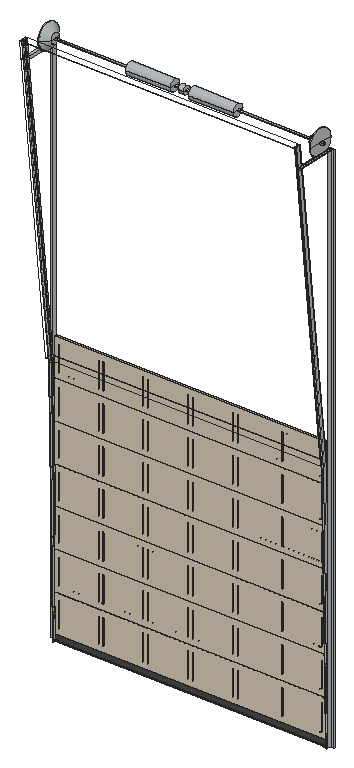
Revit family "Door_Sectional_Clopay_Insulated-VerticalTrack-RaisedPanel", category Doors, host Wall, Revit 2024 (continued)
Definition of nested family "Door Panel - Raised"
  Definition of nested family "RaisedPanel"
    Automatic sketch dimensions
      Sweep 4 sketch curve to Sweep 4 sketch curve = 0' - 0 1/4"
      Sweep 4 sketch curve to Sweep 4 sketch curve = 0' - 0.2032"
      Sweep 4 sketch curve to Sweep 4 sketch curve = 0' - 1.09359"
      Sweep 4 sketch curve to Sweep 4 sketch curve = 0' - 0.4532"
      Extrusion 3 sketch curve to plane 5 "Right" = 0' - 2"
      plane 4 "Left" to Extrusion 3 sketch curve = 0' - 2"
      plane 9 to Extrusion 3 sketch curve = 0' - 2"
      Extrusion 3 sketch curve to plane 6 "Top" = 0' - 2"
      Sweep 2 sketch curve to plane 12 = 0' - 0"
      Sweep 2 sketch curve to plane 13 = 0' - 0"
      Sweep 2 sketch curve to plane 15 = 0' - 0"
      Sweep 2 sketch curve to plane 14 = 0' - 0"
      Sweep 2 sketch curve to profile plane = 0' - 0 3/8"  (x2)
      profile plane to Sweep 2 sketch curve = 0' - 0 1/8"
      Sweep 2 sketch curve to profile plane = 0' - 0"
      Extrusion 1 sketch curve to plane 13 = 0' - 0 1/8"
      plane 12 to Extrusion 1 sketch curve = 0' - 0 1/8"
      plane 15 to Extrusion 1 sketch curve = 0' - 0 1/8"
      Extrusion 1 sketch curve to plane 14 = 0' - 0 1/8"
      Sweep 5 sketch curve to plane 4 "Left" = 0' - 0"
      Sweep 5 sketch curve to plane 5 "Right" = 0' - 0"
      Sweep 5 sketch curve to plane 9 = 0' - 0"
      Sweep 5 sketch curve to plane 6 "Top" = 0' - 0"
      Extrusion 6 sketch curve to plane 13 = 0' - 0"
      Extrusion 6 sketch curve to plane 12 = 0' - 0"
      Extrusion 6 sketch curve to plane 15 = 0' - 0"
      Extrusion 6 sketch curve to plane 14 = 0' - 0"
      Extrusion 6 sketch curve to plane 5 "Right" = 0' - 0.4532"
      plane 4 "Left" to Extrusion 6 sketch curve = 0' - 0.4532"
      plane 9 to Extrusion 6 sketch curve = 0' - 0.4532"
      Extrusion 6 sketch curve to plane 6 "Top" = 0' - 0.4532"
      Sweep 5 sketch curve to profile plane = 0' - 0"
      Sweep 5 sketch curve to Sweep 5 sketch curve = 0' - 0 1/4"
      Sweep 5 sketch curve to Sweep 5 sketch curve = 0' - 0.4532"
Definition of nested family "Opener"
  Parameters
    offset [instance] = 0' - 0"
    Warranty Duration (Years) = 0
    Unit Width = 2' - 0"
    Unit Height = 2' - 0"
    Unit Depth = 0' - 10"
    URL = "http://www.clopaydoor.com/"
    Specification = "http://www.arcat.com/sd/clients/clopay.html?coid=31487"
    SpecWizard = "http://www.arcat.com/specwizard/clients/clopay.html?coid=31487"
    Send Message = "http://www.arcat.com/users.pl?action=UserEmail&company=Clopay%20Building%20Products%20Company&coid=31487&rep=114&fax=513-770-3519&mf="
    Sales Information = "http://www.clopaydoor.com/contact-us.aspx"
    Revision = "R1_09-2011"
    Product Properties = ""
    Product Data = "http://www.arcat.com/arcatcos/cos31/arc31487.html?isac=1&r=1"
    Model = "As Specified"
    Material [instance] = none
    Manufacturer Website = "http://www.clopaydoor.com/"
    Manufacturer Phone - Toll Free = "800-526-4301 "
    Manufacturer Phone = "513-770-4800 "
    Manufacturer Fax = "513-770-3519"
    Manufacturer Address = "8585 Duke Blvd. Mason, OH 45040-3101"
    Manufacturer = "Clopay Building Products Company"
    Maintenance Schedule (Months) = 0
    Keynote = "08360"
    Installation-Fabrication = ""
    Installation Phase = ""
    Green Building-LEED = "http://www.arcat.com/green/clients/leed_data_31487.html"
    Expected Lifespan (Years) = 0
    Drawn By = "Sumex Design, Inc. / Robert S. Weygant, CSI, CDT, SCIP"
    Description = "Clopay Door as Specified"
    Default Elevation = 4' - 0"
    Copyright = "©Arcat Inc."
    Construction Details = "http://www.arcat.com/details/clopay/clopay.html?coid=31487"
    Assembly Code = "B2030410"
  Reference planes (in)
    plane 1 "Center (Front/Back)": y = 0
    plane 2 "Bottom": z = 0
    plane 3 "Center (Left/Right)": x = 0
    plane 4 "Front": y = -12
    plane 5 "Back": y = 12
    plane 6 "Left": x = -12
    plane 7 "Right": x = 12
    plane 8 "Top": z = 10
  Forms (in)
    Extrusion 1, solid, material <- "Material"
      sketch origin (0, 0, 0) x (1, 0, 0) y (0, 1, 0)
        loop
          line (-12, 12) -> (-12, -12) -> (12, -12) -> (12, 12) -> (-12, 12)
      from 0 to 10
  Dimensions and locks (in)
    equal spacing: plane 6 "Left", plane 3 "Center (Left/Right)", plane 7 "Right"
    "Unit Width": plane 6 "Left" to plane 7 "Right"
    equal spacing: plane 5 "Back", plane 1 "Center (Front/Back)", plane 4 "Front"
    "Unit Height": plane 5 "Back" to plane 4 "Front"
    "Unit Depth": plane 8 "Top" to level
    aligned and locked: plane 8 "Top" to Extrusion 1
  Automatic sketch dimensions
    Extrusion 1 sketch curve to plane 4 "Front" = 0' - 0"
    Extrusion 1 sketch curve to plane 6 "Left" = 0' - 0"
    Extrusion 1 sketch curve to plane 7 "Right" = 0' - 0"
    Extrusion 1 sketch curve to plane 5 "Back" = 0' - 0"
